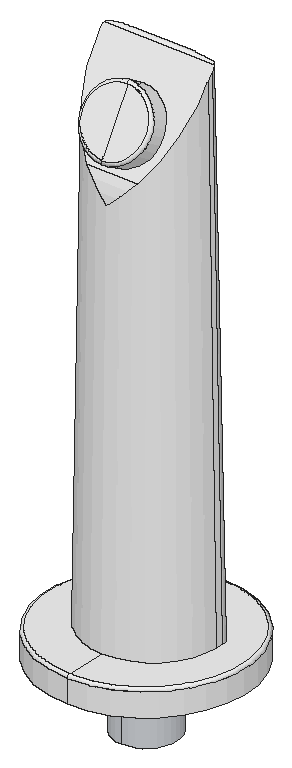
Revit family "Grohe_PlumbingFixture_BauCosmopolitan_BathSpout_13255001Z", category Plumbing Fixtures, host Face, Revit 2018
Family settings
  Host = Face
  Round Connector Dimension = Use Diameter
  Part Type = Normal
  OmniClass Number = 23.65.00.00
  OmniClass Title = Supply and Distribution of Liquids and Gases
  Cut with Voids When Loaded = No
  Shared = No
  Room Calculation Point = No
Parameters (values of type "13255001")
  _ObjectUserGuide = "https://www.bimstore.co/products/grohe-baucosmopolitan-bath-spout-bath-spout-ex-13255001/document/object-user-guide"
  _DistributedBy = "www.bimstore.co"
  _CurrentRevision = 1
  _CreatedBy = "www.bimstore.co"
  _BimSpecGuid = 0
  _BSBibleVersion = 16
  _AuthorizedBy = "bimstore"
  _Author = "RL"
  WarrantyStartDate [instance] = "Please record on commissioning."
  WarrantyGuarantorParts = "info-uk@grohe.com"
  WarrantyGuarantorLabor = "info-uk@grohe.com"
  WarrantyDurationUnit = "Years"
  WarrantyDurationParts = "0"
  WarrantyDurationLabor = "0"
  WarrantyDescription = "n/a"
  URL = "www.grohe.com"
  TypeName = "BauCosmopolitan - bath spout bath spout ex"
  Type Comments = "bath spout bath spout ex"
  SpareParts = "info-uk@grohe.com"
  Size = "n/a"
  Shape = "n/a"
  SerialNumber [instance] = "Please record on commissioning."
  ReplacementCost = "n/a"
  ReferencedStandard = "n/a"
  ProductionYear = "2020"
  ProductPageURL = "https://www.grohe.co.uk/en_gb/"
  ProductDocumentationLink = "https://www.grohe.co.uk/en_gb/"
  PercentageOfRecycledContent = "n/a"
  NominalLength = 0 mm
  NominalHeight = 0 mm
  NominalDepth = 0 mm
  NBSReference = "n/a"
  NBSOfficeMasterTag = "n/a"
  NBSObjectName = "Grohe - Bath spouts"
  NBSNote = ""
  NBSDescription = "Bath spouts"
  ModelReference = "BauCosmopolitan - bath spout bath spout ex"
  ModelNumber = "13255001"
  Model = "BauCosmopolitan"
  Material = "n/a"
  MasterformatTitle = "Sanitary Facilities"
  MasterformatNumber = "01 52 19"
  ManufacturerName = "Grohe"
  Manufacturer = "Grohe"
  LowEmittingMaterial = no
  LEEDCredit = "n/a"
  Keynote = "N13"
  InstallationDate [instance] = "Please record on commissioning."
  IndustryStandards = "n/a"
  IfcExportType = "IfcPipeFittingType"
  IfcExportAs = "IfcPipeFitting"
  HotWaterConnectionDiameter = 10 mm
  HWFU = 4.5
  Grade = "n/a"
  Finish = "n/a"
  Features = "wall mounted, GROHE StarLight chrome finish, mousseur, projection 171 mm, male thread 1/2\""
  FaucetMaterial = Steel, Chrome Plated
  ExpectedLife = 0
  Ecojoy = no
  DurationUnit = "Years"
  DocumentationTechnical = "https://www.bimstore.co/products/grohe-baucosmopolitan-bath-spout-bath-spout-ex-13255001/document/technical-data-sheet"
  DocumentationMaintenance = "https://www.bimstore.co/products/grohe-baucosmopolitan-bath-spout-bath-spout-ex-13255001/document/maintenance-information"
  DocumentationLiterature = "https://www.bimstore.co/products/grohe-baucosmopolitan-bath-spout-bath-spout-ex-13255001/document/product-literature"
  DocumentationInstallationGuide = "https://www.bimstore.co/products/grohe-baucosmopolitan-bath-spout-bath-spout-ex-13255001/document/installation-guide"
  DocumentationCertificates = "https://www.bimstore.co/products/grohe-baucosmopolitan-bath-spout-bath-spout-ex-13255001/document/product-certificates"
  Description = "wall mounted, GROHE StarLight chrome finish, mousseur, projection 171 mm, male thread 1/2\""
  Default Elevation = 0 mm
  CreatedOn = "2020-06-01T09:00:00"
  CreatedBy = "info-uk@grohe.com"
  Cost = 0
  ContactGrohe = "info-uk@grohe.com"
  Constituents = "n/a"
  Color = "Chrome"
  ColdWaterConnectionDiameter = 10 mm
  CodePerformance = "n/a"
  ClassificationValue = "Pr_40_20_87_08"
  ClassificationName = "Uniclass 2015"
  CWFU = 4.5
  BarCode [instance] = "Please record on commissioning."
  BIMObjectName = "Grohe_PlumbingFixture_BauCosmopolitan_BathSpout_13255001"
  AssetType = "Fixed"
  AssetIdentifier [instance] = "Please record on commissioning."
  Assembly Code = "D2010"
  AccessibilityPerformance = "n/a"
  ADACompliant = no
Reference planes
  plane 1 "Center (Front/Back)": y = 0
  plane 2: z = 0
  plane 3 "Center (Left/Right)": x = 0
  plane 4: z = 171
Forms (mm)
  Revolve 1, solid, material "Steel, Chrome Plated" <- "FaucetMaterial"
    sketch origin (0, 0, 0) x (0, 1, 0) y (0, 0, 1)
      loop
        line (0, 0) -> (34, 0) -> (34, 8)
        arc (34, 8) -> (33.707, 8.707) -> (33, 9) r 1
        line (33, 9) -> (0, 9) -> (0, 0)
      axis (0, 9) -> (0, 0)
    angle from 0 to 360
  SweptBlend 2, solid, material "Steel, Chrome Plated" <- "FaucetMaterial"
    path origin (0, 0, 0) x (0, 1, 0) y (0, 0, 1)
      loop
        line (0, 9) -> (0, 199)
    profile origin (0, 0, 9) x (0, -1, 0) y (1, 0, 0)
      loop
        arc (-3, -22) -> (19, 0) -> (-3, 22) r 22
        line (-3, 22) -> (-5.686, 22)
        arc (-5.686, 22) -> (-7.536, 21.362) -> (-8.599, 19.72) r 3
        arc (-8.599, 19.72) -> (-11, 0) -> (-8.599, -19.72) r 82.167
        arc (-8.599, -19.72) -> (-7.536, -21.362) -> (-5.686, -22) r 3
        line (-5.686, -22) -> (-3, -22)
    end profile origin (0, 0, 199) x (0, -1, 0) y (1, 0, 0)
      loop
        arc (-5.964, -17.838) -> (-5.436, -18.674) -> (-4.503, -19) r 1.5
        line (-4.503, -19) -> (-3, -19)
        arc (-3, -19) -> (16, 0) -> (-3, 19) r 19
        line (-3, 19) -> (-4.503, 19)
        arc (-4.503, 19) -> (-5.436, 18.674) -> (-5.964, 17.838) r 1.5
        arc (-5.964, 17.838) -> (-8, 0) -> (-5.964, -17.838) r 79.167
  Extrusion 3, void
    sketch origin (0, 0, 0) x (0, 1, 0) y (0, 0, 1)
      loop
        line (8.204, 186.056) -> (8, 199) -> (-16, 199) -> (-16.828, 146.537)
        arc (-16.828, 146.537) -> (-16.231, 151.083) -> (-14.613, 155.374) r 20
        arc (-14.613, 155.374) -> (-5.276, 171.627) -> (5.519, 186.951) r 203.296
        arc (5.519, 186.951) -> (7.179, 187.455) -> (8.204, 186.056) r 1.5
    from -25 to 25
  Revolve 4, solid, material "Steel, Chrome Plated" <- "FaucetMaterial"
    sketch origin (0, 0, 0) x (0, 1, 0) y (0, 0, 1)
      loop
        line (-13.68, 171) -> (-2.855, 164.75) -> (3.145, 175.142) -> (-6.814, 180.892)
        arc (-6.814, 180.892) -> (-7.573, 180.992) -> (-8.18, 180.526) r 1
        line (-8.18, 180.526) -> (-13.68, 171)
      axis (-2.855, 164.75) -> (-13.68, 171)
    angle from 0 to 360
  Sweep 5, solid
    path in 3D
      loop
        line (0, 0, 0) -> (0, 0, -22.649)
    profile origin (0, 0, -11.324) x (0, -1, 0) y (1, 0, 0)
      loop
        circle (0, 0) r 10.5
Cuts and joins
  Extrusion 3 cuts SweptBlend 2
  joined: Revolve 1, SweptBlend 2, Revolve 4
Lines and regions (mm)
  sketch lines
    curve 1: line (0, 0, 0) -> (0, 0, -22.649)
Dimensions and locks
  aligned and locked: plane 2 to host face
  aligned and locked: level to host face
Connectors
  piping at (0, 0, -22.649), diameter 21, driven by "CWFU"
    settings: on Sweep 5, index 24, connector inside diameter 609.6 mm, connector length 0 mm, flow factor 0, pipe flow 0.0 L/s, pressure drop 0.0 Pa, fitting loss kfactor 0, connector angle 0.00°, fixture units 4.5, engagement length 0 mm, angle of deflection 0.00°, flow configuration 3, flow direction 1, fitting loss method 4, system type 19, joint type 0, gender type 0, connector reference index -1, connector utility 0, adjustable connector no, is connector primary yes, connector description ""
